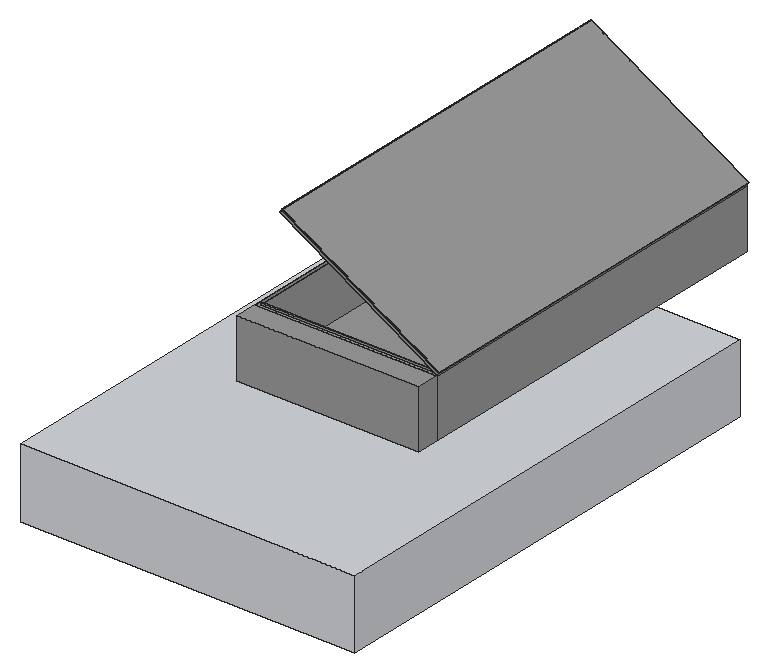
Revit family "Hager-Univers-IP55-D275-H1800-Cl.II-Steel_encl-CH-fr", category Equipement électrique, Revit 2020
Family settings
  Hôte = Face
  Configuration du panneau = Deux colonnes, circuits au sein
  Cote de connecteur circulaire = Utiliser le diamètre
  Type d'élément = Tableau de raccordement
  Couper avec des vides une fois chargée = Non
  Partagée = Non
  Point de calcul de pièce = Non
Parameters (values of type "installation au sol IP55 L800 H1800 P275  - FR13S1")
  Width Control [instance] = if([EF000008 - largeur] > Min Width, [EF000008 - largeur], Min Width)  # 800 mm
  Commentaires du type = [HG000003 - Gamme]  # "Univers"
  Thickness Door [instance] = if([EF009171 - épaisseur de matériau de la porte/du couvercle] > 3 mm, 3 mm, [EF009171 - épaisseur de matériau de la porte/du couvercle])  # 1.5 mm
  Seal Frame Offset [instance] = 17 mm  # constant formula
  Plinth Visibility [instance] = [HG000027 - Hauteur du socle] > 0 mm  # yes
  Model = ""
  Min Width [instance] = 100 mm  # constant formula
  Min Height [instance] = 100 mm  # constant formula
  Min Depth [instance] = (2 * [EF009170 - épaisseur de matériau du boîtier]) + 1 mm  # 4 mm
  Internal Frame Depth [instance] = (Door System Depth * 0.5)  # 9 mm
  Height Control [instance] = if([EF000040 - hauteur] > Min Height, [EF000040 - hauteur], Min Height)  # 1800 mm
  HG000027 - Hauteur du socle = 100 mm
  HG000026 - Installation au sol = yes
  HG000024 - Hauteur de la section basse = 800 mm
  HG000023 - Armoire double section = no
  HG000016 - Visibilité de la porte 3D [instance] = yes
  HG000015 - Visibilité de l'emprise de la porte [instance] = no
  HG000014 - Porte à droite [instance] = yes
  HG000013 - Porte à gauche [instance] = not([HG000014 - Porte à droite])  # no
  HG000012 - Angle de pivotement de la porte [instance] = 30.00°
  HG000010 - Portes asymétriques = no
  HG000009 - Porte à double battant = no
  HG000006 - Encastré = no
  HG000004 - Référence fabricant = "FR13S1"
  HG000003 - Gamme = "Univers"
  HG000002 - avec porte = yes
  Frame Offset Bottom [instance] = 10 mm  # constant formula
  Frame Offset [instance] = 15 mm  # constant formula
  EF015940 - couvercle avec décharge de pression = no
  EF011959 - degré de protection (NEMA) = ""
  EF009554 - nombre d'ouvertures pour plaques à bride = 6
  Fabricant = "Hager"  # constant formula
  EF009212 - finition du couvercle = "EV000116 - fermé"
  EF009171 - épaisseur de matériau de la porte/du couvercle = 1.5 mm
  EF009170 - épaisseur de matériau du boîtier = 1.5 mm
  EF008873 - courant nominal (In) = 800 A
  EF007800 - adapté à un parafoudre = no
  EF006306 - avec serrure = no
  EF006244 - couvercle/porte transparent(e) = no
  EF005474 - indice de protection (IP) = "EV006420 - IP55"
  EF004464 - type de porte = "EV002646 - unique"
  EF004427 - nombre de modules = 396
  EF004293 - indice de protection contre les chocs (IK) = "EV008784 - IK10"
  EF003532 - convient pour utilisation à l’extérieur = no
  EF002950 - largeur en nombre de modules = 24
  EF001613 - maintien de fonction = "EV000494 - sans"
  EF001596 - matériau du boîtier/corps = "EV000179 - acier"
  EF001131 - profondeur intérieure = 275 mm
  EF001088 - possibilité de montage en saillie = yes
  EF000437 - nombre d'entrées de conduit = 6
  EF000339 - type de capot = "EV004216 - porte"
  EF000266 - nombre de rangées = 11
  EF000218 - profondeur d'encastrement = 0 mm
  EF000118 - avec cadre/support de montage = no
  EF000116 - numéro RAL = "7035"
  EF000049 - profondeur = 275 mm
  EF000040 - hauteur = 1800 mm
  EF000008 - largeur = 800 mm
  EF000007 - couleur = "EV000270 - gris"
  EF000003 - mode de pose = "EV012274 - installation au sol"
  Door System Leaf Tolerance [instance] = 1.5 mm  # constant formula
  Door System Depth [instance] = 18 mm  # constant formula
  Door Height [instance] = Height Control - [HG000027 - Hauteur du socle]  # 1700 mm
  Depth Control [instance] = if([EF000049 - profondeur] > Min Depth, [EF000049 - profondeur], Min Depth)  # 275 mm
  Default Elevation = 0 mm
  Connector Offset [instance] = Height Control / 2  # 900 mm
  Bottom Top Plate Trim [instance] = 1.5 mm  # constant formula
  Plinth height Ctrl [instance] = if([HG000027 - Hauteur du socle] > 0 mm, [HG000027 - Hauteur du socle], 12 mm)  # 100 mm
Types (5, lengths in mm): name | Width Control | HG000010 - Portes asymétriques | HG000009 - Porte à double battant | HG000004 - Référence fabricant | EF009554 - nombre d'ouvertures pour plaques à bride | EF004464 - type de porte | EF004427 - nombre de modules | EF000437 - nombre d'entrées de conduit | EF000008 - largeur
  installation au sol IP55 L1050 H1800 P275  - FR14S1 | 1050 | yes | yes | "FR14S1" | 8 | "EV003602 - double" | 528 | 8 | 1050
  installation au sol IP55 L1300 H1800 P275  - FR15S1 | 1300 | yes | yes | "FR15S1" | 10 | "EV003602 - double" | 660 | 10 | 1300
  installation au sol IP55 L300 H1800 P275  - FR11S1 | 300 | no | no | "FR11S1" | 2 | "EV002646 - unique" | 132 | 2 | 300
  installation au sol IP55 L550 H1800 P275  - FR12S1 | 550 | no | no | "FR12S1" | 4 | "EV002646 - unique" | 264 | 4 | 550
  installation au sol IP55 L800 H1800 P275  - FR13S1 | 800 | no | no | "FR13S1" | 6 | "EV002646 - unique" | 396 | 6 | 800
Reference planes
  plane 1 "Center (Front/Back)": y = 0
  plane 2: z = 0
  plane 3 "Center (Left/Right)": x = 0
  plane 4: z = 275
  plane 5: y = 101.5
  plane 6: y = 950
  plane 7: y = 100
  plane 8: y = 1800
  plane 9: z = 0
  plane 10: x = -385
  plane 11: x = 385
  plane 12: x = 383.5
  plane 13: x = -383.5
  plane 14: y = 1798.5
  plane 15: x = -383
  plane 16: x = -400
  plane 17: x = 383
  plane 18: x = 400
  plane 19: x = 398.5
  plane 20: x = -398.5
  plane 21: y = 111.5
  plane 22: y = 1800
  plane 23: y = 1783.5
  plane 24: z = 257
  plane 25: z = 1.5
  plane 26: z = 255.5
  plane 27: z = 273.5
Forms (mm)
  Extrusion 1, solid
    sketch origin (0, 0, 0) x (1, 0, 0) y (0, 1, 0)
      loop
        line (-702.964, 1305) -> (-702.964, -811.445) -> (766.763, -811.445) -> (766.763, 1305) -> (-702.964, 1305)
    from 0 to -304.8
  Extrusion 2, solid, material "Hager_Steel_RAL7035_Light_Grey", visible <- "Plinth Visibility", detail levels medium+fine
    sketch origin (0, 0, 0) x (1, 0, 0) y (0, 1, 0)
      loop
        line (-400, 0) -> (400, 0) -> (400, 100) -> (-400, 100) -> (-400, 0)
    from 0 to 257
  Extrusion 3, solid, material "Hager_Steel_RAL7035_Light_Grey", detail levels medium+fine
    sketch origin (0, 0, 0) x (1, 0, 0) y (0, 1, 0)
      loop
        line (-400, 100) -> (400, 100) -> (400, 1800) -> (-400, 1800) -> (-400, 100)
    from 0 to 257
  Extrusion 4, void
    sketch origin (0, 0, 0) x (1, 0, 0) y (0, 1, 0)
      loop
        line (-398.5, 101.5) -> (398.5, 101.5) -> (398.5, 1798.5) -> (-398.5, 1798.5) -> (-398.5, 101.5)
    from 1.5 to 255.5
  Extrusion 5, void
    sketch origin (-381.607, -4572, 257) x (0, -1, 0) y (-1, 0, 0)
      loop
        line (-4683.5, 1.893) -> (-6355.5, 1.893) -> (-6355.5, -765.107) -> (-4683.5, -765.107) -> (-4683.5, 1.893)
    from 0 to 1.5 <- "EF009170 - épaisseur de matériau du boîtier"
  Extrusion 6, solid, material "Hager_Steel_RAL7035_Light_Grey", detail levels fine
    sketch origin (0, 0, 257) x (1, 0, 0) y (0, 1, 0)
      loop
        line (-383.5, 1783.5) -> (-383.5, 111.5) -> (383.5, 111.5) -> (383.5, 1783.5) -> (-383.5, 1783.5)
      loop
        line (-385, 110) -> (385, 110) -> (385, 1785) -> (-385, 1785) -> (-385, 110)
    from 0 to 9 <- "Internal Frame Depth"
  Extrusion 7, solid, material "Hager_Steel_RAL7035_Light_Grey", detail levels coarse
    sketch origin (0, 0, 0) x (1, 0, 0) y (0, 1, 0)
      loop
        line (-400, 0) -> (400, 0) -> (400, 1800) -> (-400, 1800) -> (-400, 0)
    from 0 to 275
  Sweep 8, void
    path in 3D
      loop
        line (-400, 100, 0) -> (400, 100, 0) -> (400, 100, 257) -> (-400, 100, 257) -> (-400, 100, 0)
    profile origin (-400, 100, 128.5) x (-1, 0, 0) y (0, -1, 0)
      loop
        line (0, 0) -> (0, 1.5) -> (-1.5, 1.5)
        arc (-1.5, 1.5) -> (-1.061, 0.439) -> (0, 0) r 1.5
Cuts and joins
  Extrusion 4, Extrusion 5 cuts Extrusion 3
  Sweep 8 cuts Extrusion 2
Lines and regions (mm)
  Masking region 1
    outline origin (0, 0, 0) x (1, 0, 0) y (0, 0, 1)
      loop
        line (-400, 275) -> (-400, 0) -> (400, 0) -> (400, 275) -> (-400, 275)
  Masking region 2, detail levels medium+fine
    outline origin (0, 140, 0) x (0, 1, 0) y (0, 0, 1)
      loop
        line (-40, 0) -> (1660, 0) -> (1660, 257) -> (-40, 257) -> (-40, 0)
  Masking region 3, not visible, detail levels medium+fine
    outline origin (0, 297.922, 0) x (0, 1, 0) y (0, 0, 1)
      loop
        line (663.578, 0) -> (703.578, 0) -> (703.578, 263.5)
        arc (703.578, 263.5) -> (700.649, 270.571) -> (693.578, 273.5) r 10
        line (693.578, 273.5) -> (663.578, 273.5) -> (663.578, 0)
  Masking region 4, detail levels coarse
    outline origin (0, 0, 180) x (0, 1, 0) y (0, 0, 1)
      loop
        line (0, -180) -> (1800, -180) -> (1800, 95) -> (0, 95) -> (0, -180)
  Masking region 5, visible <- "Plinth Visibility", detail levels medium+fine
    outline origin (0, 52.24, 12.345) x (0, 0, -1) y (0, 1, 0)
      loop
        line (10.845, 47.76) -> (-243.155, 47.76)
        arc (-243.155, 47.76) -> (-243.594, 46.699) -> (-244.655, 46.26) r 1.5
        line (-244.655, 46.26) -> (-244.655, -52.24) -> (12.345, -52.24) -> (12.345, 46.26)
        arc (12.345, 46.26) -> (11.285, 46.699) -> (10.845, 47.76) r 1.5
  Masking region 6, detail levels medium+fine
    outline origin (-381.607, -4572, 257) x (-1, 0, 0) y (0, -1, 0)
      loop
        line (18.393, -6372) -> (18.393, -4672) -> (-781.607, -4672) -> (-781.607, -6372) -> (18.393, -6372)
  Masking region 7, visible <- "Plinth Visibility", detail levels medium+fine
    outline origin (-381.607, -4727, 257) x (-1, 0, 0) y (0, -1, 0)
      loop
        arc (16.893, -4827) -> (17.332, -4825.939) -> (18.393, -4825.5) r 1.5
        line (18.393, -4825.5) -> (18.393, -4727) -> (-781.607, -4727) -> (-781.607, -4825.5)
        arc (-781.607, -4825.5) -> (-780.546, -4825.939) -> (-780.107, -4827) r 1.5
        line (-780.107, -4827) -> (16.893, -4827)
  Masking region 8, detail levels coarse
    outline origin (-442.548, -4669.526, 257) x (-1, 0, 0) y (0, -1, 0)
      loop
        line (-42.548, -6469.526) -> (-42.548, -4669.526) -> (-842.548, -4669.526) -> (-842.548, -6469.526) -> (-42.548, -6469.526)
  sketch lines
    curve 1: line (-400, 100, 257) -> (-400, 100, 0)
    curve 2: line (400, 100, 257) -> (-400, 100, 257)
    curve 3: line (400, 100, 257) -> (400, 100, 0)
    curve 4: line (-400, 100, 0) -> (400, 100, 0)
Dimensions and locks
  "Depth Control": plane 4 to Extrusion 1
  "HG000027 - Hauteur du socle": plane 1 "Center (Front/Back)" to plane 7
  "EF009170 - épaisseur de matériau du boîtier": plane 5 to plane 7
  locked: connector elem to plane 3 "Center (Left/Right)"
  equal spacing: plane 8, plane 6, plane 7
  locked: connector elem to plane 6
  "EF009170 - épaisseur de matériau du boîtier": plane 8 to plane 14
  "EF009170 - épaisseur de matériau du boîtier": plane 10 to plane 13
  "EF009170 - épaisseur de matériau du boîtier": plane 12 to plane 11
  "Frame Offset": plane 20 to plane 13
  "Frame Offset": plane 12 to plane 19
  "EF009170 - épaisseur de matériau du boîtier": plane 16 to plane 20
  "EF009170 - épaisseur de matériau du boîtier": plane 19 to plane 18
  "Seal Frame Offset": plane 16 to plane 15
  "Seal Frame Offset": plane 17 to plane 18
  "Frame Offset Bottom": plane 21 to plane 5
  "Frame Offset": plane 14 to plane 23
  equal spacing: plane 16, plane 3 "Center (Left/Right)", plane 18
  "Width Control": plane 16 to plane 18
  "EF009170 - épaisseur de matériau du boîtier": plane 4 to plane 27
  "EF009170 - épaisseur de matériau du boîtier": plane 24 to plane 26
  "EF009170 - épaisseur de matériau du boîtier": plane 25 to level
  "Door System Depth": plane 4 to plane 24
  "Height Control": plane 1 "Center (Front/Back)" to Extrusion 7 sketch curve
  "Height Control": Masking region 4 sketch curve to plane 1 "Center (Front/Back)"
  "Height Control": plane 1 "Center (Front/Back)" to plane 22
  "Bottom Top Plate Trim": profile plane to Sweep 8 sketch curve
  "Bottom Top Plate Trim": Sweep 8 sketch curve to profile plane
  "Plinth height Ctrl": plane 1 "Center (Front/Back)" to Extrusion 2 sketch curve
  "Plinth height Ctrl": Masking region 5 sketch curve to plane 1 "Center (Front/Back)"
  "Plinth height Ctrl": plane 1 "Center (Front/Back)" to Masking region 7 sketch curve
  "Thickness Door": Extrusion 6 sketch curve to Extrusion 6 sketch curve  (x3)
  "Thickness Door": cut or joined group of Extrusion 3, Extrusion 4, Extrusion 5 to Extrusion 6 sketch curve
  radius of Masking region 3 sketch curve = 10 mm
  "Bottom Top Plate Trim": radius of Masking region 5 sketch curve  (x2)
  "Bottom Top Plate Trim": radius of Sweep 8 sketch curve
  "Bottom Top Plate Trim": radius of Masking region 7 sketch curve  (x2)
  aligned and locked: plane 2 to Extrusion 1
  aligned and locked: level to Extrusion 1
  aligned and locked: level to Masking region 1 sketch curve
  aligned and locked: Masking region 1 sketch curve to plane 18
  aligned and locked: Masking region 1 sketch curve to plane 16
  aligned and locked: plane 7 to Masking region 2 sketch curve
  aligned and locked: level to Masking region 3 sketch curve
  aligned and locked: Masking region 3 sketch curve to plane 27
  aligned and locked: level to Masking region 2 sketch curve
  aligned and locked: plane 1 "Center (Front/Back)" to Extrusion 2 sketch curve
  aligned and locked: Extrusion 3 sketch curve to plane 7
  aligned and locked: plane 16 to Extrusion 3 sketch curve
  aligned and locked: plane 18 to Extrusion 3 sketch curve
  aligned and locked: plane 20 to Extrusion 4 sketch curve
  aligned and locked: plane 19 to Extrusion 4 sketch curve
  aligned and locked: Extrusion 4 sketch curve to plane 5
  aligned and locked: Extrusion 4 to plane 25
  aligned and locked: plane 26 to Extrusion 4
  aligned and locked: plane 24 to Extrusion 3
  aligned and locked: Extrusion 5 sketch curve to plane 21
  aligned and locked: Extrusion 5 sketch curve to plane 13
  aligned and locked: Extrusion 5 sketch curve to plane 12
  aligned and locked: plane 18 to Extrusion 7 sketch curve
  aligned and locked: plane 1 "Center (Front/Back)" to Extrusion 7 sketch curve
  aligned and locked: plane 16 to Extrusion 7 sketch curve
  aligned and locked: plane 4 to Extrusion 7
  aligned and locked: Extrusion 7 to level
  aligned and locked: level to Masking region 4 sketch curve
  aligned and locked: Masking region 4 sketch curve to plane 1 "Center (Front/Back)"
  aligned and locked: Masking region 4 sketch curve to plane 4
  aligned and locked: nested 1 to level
  aligned and locked: nested 1 to plane 16
  aligned and locked: plane 8 to Extrusion 3 sketch curve
  aligned and locked: plane 23 to Extrusion 5 sketch curve
  aligned and locked: plane 14 to Extrusion 4 sketch curve
  aligned and locked: Masking region 2 sketch curve to plane 8
  aligned and locked: level to Masking region 5 sketch curve
  aligned and locked: plane 16 to Extrusion 2 sketch curve
  aligned and locked: plane 18 to Extrusion 2 sketch curve
  aligned and locked: Masking region 5 sketch curve to plane 24
  aligned and locked: Masking region 2 sketch curve to plane 24
  aligned and locked: plane 24 to Extrusion 2
  aligned and locked: profile plane to Sweep 8 sketch curve  (x2)
  aligned and locked: Masking region 6 sketch curve to plane 18
  aligned and locked: Masking region 6 sketch curve to plane 22
  aligned and locked: Masking region 6 sketch curve to plane 16
  aligned and locked: plane 8 to plane 22
  aligned and locked: Masking region 6 sketch curve to plane 7
  aligned and locked: Masking region 7 sketch curve to plane 16
  aligned and locked: Masking region 7 sketch curve to plane 1 "Center (Front/Back)"
  aligned and locked: Masking region 7 sketch curve to plane 18
  aligned and locked: Masking region 8 sketch curve to plane 1 "Center (Front/Back)"
  aligned and locked: Masking region 8 sketch curve to plane 18
  aligned and locked: Masking region 8 sketch curve to plane 22
  aligned and locked: Masking region 8 sketch curve to plane 16
  aligned and locked: nested 2 to plane 7
  aligned and locked: plane 3 "Center (Left/Right)" to nested 2
  aligned and locked: nested 2 to plane 24
  aligned and locked: Extrusion 6 sketch curve to cut or joined group of Extrusion 3, Extrusion 4, Extrusion 5  (x4)
Automatic sketch dimensions
  Extrusion 1 sketch curve to Extrusion 1 sketch curve = 1469.727 mm
  Extrusion 1 sketch curve to Extrusion 1 sketch curve = 2116.445 mm
  Masking region 1 sketch curve to plane 4 = 0 mm
  plane 6 to Masking region 3 sketch curve = 11.5 mm
  Masking region 3 sketch curve to Masking region 3 sketch curve = 30 mm
  Masking region 5 sketch curve to plane 1 "Center (Front/Back)" = 0 mm
Nested families
  nested 1: "Hager_Enclosure_Symbol" at (-400, 0, 0) x (1, 0, 0) z (0, -1, 0), Height <- "Depth Control", Width <- "Width Control", type "Hager_Enclosure_Symbol"
    with Width_Ctrl 800 mm, Width 800 mm, Height_Ctrl 275 mm, Height 275 mm, A_Width_Int 18.047 mm, A_Width 216.562 mm, A_Height_Ctrl 240.625 mm, A_Height 240.625 mm
  nested 2: "EC000058_Univers_Door" at (0, 100, 257) x (1, 0, 0) z (0, 1, 0), Leaf_Tolerance <- "Door System Leaf Tolerance", Angle <- "HG000012 - Angle de pivotement de la porte", Door_Depth <- "Door System Depth", Door_Left <- "HG000013 - Porte à gauche", Transparent <- "EF006244 - couvercle/porte transparent(e)", Assymetrical <- "HG000010 - Portes asymétriques", Width <- "Width Control", Clearance <- "HG000015 - Visibilité de l'emprise de la porte", Double <- "HG000009 - Porte à double battant", 3d_Door <- "HG000016 - Visibilité de la porte 3D", Lock_Visibility <- "EF006306 - avec serrure", Width_Ctrl <- "Width Control", Door_Right <- "HG000014 - Porte à droite", Door <- "HG000002 - avec porte", Height <- "Door Height", Thickness <- "Thickness Door", type "EC000058_Univers_Door", detail levels medium+fine
    with min_wh 4 mm, Width_Ctrl 800 mm, Width 800 mm, Transparent no, Thickness 1.5 mm, Seal_Material Hager_Rubber, Lock_Visibility no, Lock_Material Hager_Plastic_RAL9005_Jet_Black, Leaf_Width 800 mm, Leaf_Tolerance_External_Sides 0 mm, Leaf_Tolerance 1.5 mm, Leaf_Offset 0 mm, Leaf_Height 1697 mm, Leaf_2_Width 800 mm, Leaf_2_Offset 400 mm, Leaf_1_Width 800 mm, Leaf_1_Offset 400 mm, Height_Ctrl 1700 mm, Height 1700 mm, Glass_Material Hager_Glass, Double_Clearance_Ctrl no, Double no, Door_Right_Ctrl yes, Door_Right yes, Door_Material Hager_Steel_RAL7035_Light_Grey, Door_Left_Ctrl no, Door_Left no, Door_Depth 18 mm, Door yes, Clearance_Material Hager_Clearance, Clearance_Depth 800 mm, Clearance_Ctrl no, Clearance no, Assymetrical no, Angle 30.00°, 3d_Door yes
Connectors
  electrical at (0, 950, 0)
    settings: on plane 9, index 1, voltage 0 V, apparent load 0 VA, apparent load phase1 0 VA, apparent load phase2 0 VA, apparent load phase3 0 VA, power factor 1, load classification "Other", number of poles 1, system type 30, power factor state 1, is connector primary yes, connector utility no, sub classification motor no, connector description ""
Definition of nested family "EC000058_Univers_Door"
  Parameters (values of type "EC000058_Univers_Door")
    min_wh [instance] = (2 * Thickness) + 1 mm  # 11 mm
    Width_Ctrl [instance] = 400 mm
    Width [instance] = 500 mm
    Transparent [instance] = yes
    Thickness [instance] = 5 mm
    Seal_Material [instance] = none
    Lock_Visibility [instance] = yes
    Lock_Material [instance] = none
    Leaf_Width [instance] = if((Width_Ctrl - 2 * Leaf_Tolerance_External_Sides) > 0 mm, (Width_Ctrl - 2 * Leaf_Tolerance_External_Sides), min_wh)  # 400 mm
    Leaf_Tolerance_External_Sides [instance] = 0 mm  # constant formula
    Leaf_Tolerance [instance] = 1.5 mm
    Leaf_Offset [instance] = 0 mm  # constant formula
    Leaf_Height [instance] = if((Height_Ctrl - 2 * Leaf_Tolerance) > 0 mm, (Height_Ctrl - 2 * Leaf_Tolerance), min_wh)  # 497 mm
    Leaf_2_Width [instance] = if(and(and(Double, Assymetrical), Door_Left), (Leaf_Width / 3) - (Leaf_Tolerance / 2), if(and(and(Double, Assymetrical), Door_Right), (Leaf_Width / 3) * 2 - (Leaf_Tolerance / 2), if(and(Double, not(Assymetrical)), (Leaf_Width / 2) - Leaf_Tolerance, Leaf_Width)))  # 400 mm
    Leaf_2_Offset [instance] = if(and(Double, Assymetrical), Leaf_2_Width / 2, if(and(Double, not(Assymetrical)), Leaf_Width / 4, Leaf_Width / 2))  # 200 mm
    Leaf_1_Width [instance] = if(and(and(Double, Assymetrical), Door_Right), (Leaf_Width / 3) - (Leaf_Tolerance / 2), if(and(and(Double, Assymetrical), Door_Left), (Width / 3) * 2 - (Leaf_Tolerance / 2), if(and(Double, not(Assymetrical)), (Leaf_Width / 2) - Leaf_Tolerance, Leaf_Width)))  # 400 mm
    Leaf_1_Offset [instance] = if(and(Double, Assymetrical), Leaf_1_Width / 2, if(and(Double, not(Assymetrical)), Leaf_Width / 4, Leaf_Width / 2))  # 200 mm
    Height_Ctrl [instance] = if(Height > min_wh, Height, min_wh)  # 500 mm
    Height [instance] = 500 mm
    Glass_Material [instance] = none
    Double_Clearance_Ctrl [instance] = and(Double, Clearance)  # no
    Double [instance] = no
    Door_Right_Ctrl [instance] = and(or(Door_Right, Double), Door)  # yes
    Door_Right [instance] = yes
    Door_Material [instance] = none
    Door_Left_Ctrl [instance] = and(or(Door_Left, Double), Door)  # no
    Door_Left [instance] = no
    Door_Depth [instance] = 30 mm
    Door [instance] = yes
    Default Elevation = 1219.2 mm
    Clearance_Material [instance] = none
    Clearance_Depth [instance] = if(Leaf_1_Width > Leaf_2_Width, Leaf_1_Width, Leaf_2_Width)  # 400 mm
    Clearance_Ctrl [instance] = and(not(Double), Clearance)  # yes
    Clearance [instance] = yes
    Assymetrical [instance] = yes
    Angle [instance] = 30.00°
    3d_Door [instance] = yes
  Reference planes
    plane 1 "Center (Front/Back)": y = 0
    plane 2 "Bottom": z = 0
    plane 3 "Center (Left/Right)": x = 0
    plane 4: z = 500
    plane 5: x = -200
    plane 6: x = 200
    plane 7: z = 500
    plane 8: x = -200
    plane 9: z = 0
    plane 10: x = 200
    plane 11: y = 0
    plane 12: z = 1.5
    plane 13: x = -600
    plane 14: y = -400
    plane 15: x = 600
    plane 16: x = 0
    plane 17: x = 0
    plane 18: x = -200
    plane 19: x = 200
    plane 20: z = 498.5
  Forms (mm)
    Extrusion 1, solid, material <- "Clearance_Material", visible <- "Double_Clearance_Ctrl"
      sketch origin (1200, 0, 0) x (1, 0, 0) y (0, 0, -1)
        loop
          line (-1800, -498.5) -> (-600, -498.5) -> (-600, 0) -> (-1800, 0) -> (-1800, -498.5)
      from 0 to -400
  Dimensions and locks
    equal spacing: plane 5, plane 3 "Center (Left/Right)", plane 6
    "Width_Ctrl": plane 5 to plane 6
    "Leaf_Offset": plane 5 to plane 8
    "Leaf_Offset": plane 6 to plane 10
    "Leaf_Offset": plane 9 to level
    "Leaf_Offset": plane 4 to plane 7
    "Height_Ctrl": plane 4 to level
    "Leaf_Tolerance": plane 12 to plane 9
    locked: plane 11 to plane 1 "Center (Front/Back)"
    "Leaf_1_Offset": plane 18 to plane 16
    "Leaf_2_Offset": plane 17 to plane 19
    "Leaf_1_Width": plane 13 to plane 8
    "Leaf_2_Width": plane 10 to plane 15
    "Clearance_Depth": plane 14 to plane 1 "Center (Front/Back)"
    "Leaf_Tolerance_External_Sides": plane 8 to plane 18
    "Leaf_Tolerance_External_Sides": plane 19 to plane 10
    "Leaf_Tolerance": plane 7 to plane 20
    aligned and locked: level to plane 2 "Bottom"
    aligned and locked: nested 1 to plane 16
    aligned and locked: nested 2 to plane 17
    aligned and locked: Extrusion 1 to plane 13
    aligned and locked: plane 15 to Extrusion 1
    aligned and locked: Extrusion 1 to plane 14
    aligned and locked: plane 12 to nested 1
    aligned and locked: nested 2 to plane 12
    aligned and locked: Extrusion 1 to plane 11
    aligned and locked: plane 20 to Extrusion 1
    aligned and locked: nested 2 to plane 11
    aligned and locked: nested 1 to plane 11
  Automatic sketch dimensions
    Extrusion 1 sketch curve to level = 0 mm
    plane 5 to Extrusion 1 sketch curve = 400 mm
    plane 6 to Extrusion 1 sketch curve = 400 mm
    Extrusion 1 sketch curve to plane 4 = 1.5 mm
  Nested families
    nested 1: "EC000058_Univers_Door_Leaf" at (0, 0, 1.5), Width <- "Leaf_1_Width", visible <- "Door_Left_Ctrl", Leaf_Height <- "Leaf_Height", Angle <- "Angle", 3d_Door <- "3d_Door", Transparent <- "Transparent", Clearance Material <- "Clearance_Material", Clearance <- "Clearance_Ctrl", Door_Material <- "Door_Material", Glass_Material <- "Glass_Material", Door_Depth <- "Door_Depth", Lock_Material <- "Lock_Material", Seal_Material <- "Seal_Material", Lock_Visibility <- "Lock_Visibility", Thickness <- "Thickness", type "EC000058_Univers_Door_Leaf"
      with Width 400 mm, Transparent_Glass_Offset 30 mm, Transparent_Ctrl yes, Transparent yes, Thickness 5 mm, Standard no, Seal_Material none, Seal_D2 8 mm, Seal_D1 1 mm, Offset_Internal_Frame 10 mm, Lock_Width 20 mm, Lock_Visibility_3d yes, Lock_Visibility yes, Lock_Thickness_3 3 mm, Lock_Thickness_2 1 mm, Lock_Thickness_1 3 mm, Lock_Radius_Offset_2 16 mm, Lock_Radius_Offset_1 15 mm, Lock_Radius_2 5 mm, Lock_Radius 6 mm, Lock_Offset 5 mm, Lock_Material none, Lock_Height 80 mm, Lock_Cover_Top_Offset_2d 17 mm, Lock_Cover_Height -65 mm, Leaf_Height 497 mm, Internal_Seal_Thickness 8 mm, Internal_Seal_Depth_2 4.5 mm, Internal_Frame_Depth 25 mm, Glass_Thickness -1 mm, Glass_Offset -2 mm, Glass_Material none, Door_Material none, Door_Depth 30 mm, Clearance Material none, Clearance yes, Angle_Ctrl 30.00°, Angle 30.00°, 3d_Door yes
    nested 2: "EC000058_Univers_Door_Leaf" at (0, 0, 1.5) x (-1, 0, 0) z (0, 0, 1), Width <- "Leaf_2_Width", visible <- "Door_Right_Ctrl", Leaf_Height <- "Leaf_Height", Angle <- "Angle", 3d_Door <- "3d_Door", Transparent <- "Transparent", Clearance Material <- "Clearance_Material", Clearance <- "Clearance_Ctrl", Door_Material <- "Door_Material", Glass_Material <- "Glass_Material", Door_Depth <- "Door_Depth", Lock_Material <- "Lock_Material", Seal_Material <- "Seal_Material", Lock_Visibility <- "Lock_Visibility", Thickness <- "Thickness", type "EC000058_Univers_Door_Leaf"
      with Width 400 mm, Transparent_Glass_Offset 30 mm, Transparent_Ctrl yes, Transparent yes, Thickness 5 mm, Standard no, Seal_Material none, Seal_D2 8 mm, Seal_D1 1 mm, Offset_Internal_Frame 10 mm, Lock_Width 20 mm, Lock_Visibility_3d yes, Lock_Visibility yes, Lock_Thickness_3 3 mm, Lock_Thickness_2 1 mm, Lock_Thickness_1 3 mm, Lock_Radius_Offset_2 16 mm, Lock_Radius_Offset_1 15 mm, Lock_Radius_2 5 mm, Lock_Radius 6 mm, Lock_Offset 5 mm, Lock_Material none, Lock_Height 80 mm, Lock_Cover_Top_Offset_2d 17 mm, Lock_Cover_Height -65 mm, Leaf_Height 497 mm, Internal_Seal_Thickness 8 mm, Internal_Seal_Depth_2 4.5 mm, Internal_Frame_Depth 25 mm, Glass_Thickness -1 mm, Glass_Offset -2 mm, Glass_Material none, Door_Material none, Door_Depth 30 mm, Clearance Material none, Clearance yes, Angle_Ctrl 30.00°, Angle 30.00°, 3d_Door yes
  Definition of nested family "EC000058_Univers_Door_Leaf"
    Parameters (values of type "EC000058_Univers_Door_Leaf")
      Width [instance] = 2000 mm
      Transparent_Glass_Offset [instance] = 30 mm
      Transparent_Ctrl [instance] = and(Transparent, [3d_Door])  # yes
      Transparent [instance] = yes
      Thickness [instance] = 5 mm
      Standard [instance] = and(not(Transparent), [3d_Door])  # no
      Seal_Material [instance] = none
      Seal_D2 [instance] = 8 mm  # constant formula
      Seal_D1 [instance] = 1 mm  # constant formula
      Offset_Internal_Frame [instance] = 10 mm  # constant formula
      Lock_Width [instance] = 20 mm  # constant formula
      Lock_Visibility_3d [instance] = and(Lock_Visibility, [3d_Door])  # yes
      Lock_Visibility [instance] = yes
      Lock_Thickness_3 [instance] = 3 mm  # constant formula
      Lock_Thickness_2 [instance] = 1 mm  # constant formula
      Lock_Thickness_1 [instance] = 3 mm  # constant formula
      Lock_Radius_Offset_2 [instance] = Lock_Radius_Offset_1 + 1 mm  # 16 mm
      Lock_Radius_Offset_1 [instance] = 15 mm  # constant formula
      Lock_Radius_2 [instance] = Lock_Radius - 1 mm  # 5 mm
      Lock_Radius [instance] = 6 mm  # constant formula
      Lock_Offset [instance] = 5 mm  # constant formula
      Lock_Material [instance] = none
      Lock_Height [instance] = 80 mm  # constant formula
      Lock_Cover_Top_Offset_2d [instance] = Lock_Radius_Offset_2 + 1 mm  # 17 mm
      Lock_Cover_Height [instance] = -(Lock_Height - Lock_Radius_Offset_1)  # -65 mm
      Leaf_Height [instance] = 2720.336 mm
      Internal_Seal_Thickness [instance] = 8 mm  # constant formula
      Internal_Seal_Depth_2 [instance] = 4.5 mm  # constant formula
      Internal_Frame_Depth [instance] = if(Door_Depth - Thickness > 5 mm, Door_Depth - Thickness, 5 mm)  # 25 mm
      Glass_Thickness [instance] = if(Thickness > 15 mm, Glass_Offset + 10 mm, -1 mm)  # -1 mm
      Glass_Offset [instance] = if(Thickness > 15 mm, -(Thickness + 10 mm) / 2, -2 mm)  # -2 mm
      Glass_Material [instance] = none
      Door_Material [instance] = none
      Door_Depth [instance] = 30 mm
      Default Elevation = 0 mm
      Clearance Material [instance] = none
      Clearance [instance] = yes
      Angle_Ctrl [instance] = if(Angle > 180.00°, 180.00°, Angle)  # 90.00°
      Angle [instance] = 90.00°
      3d_Door [instance] = yes
    Reference planes
      plane 1 "Center (Front/Back)": y = 0
      plane 2: z = 0
      plane 3 "Center (Left/Right)": x = 0
      plane 4: y = 2000
      plane 5: x = -1000
      plane 6: x = 1000
      plane 7: x = -3000
      plane 8: z = 2720.336
      plane 9: z = 30
      plane 10: z = 2690.336
      plane 11: x = 970
      plane 12: x = -970
      plane 13: y = -3
      plane 14: z = 107.833
      plane 15: y = -5
      plane 16: y = -223.314
      plane 17: x = -1000
      plane 18: z = 1360.168
      plane 19: y = 30
    Forms (mm)
      Extrusion 1, solid, material <- "Clearance Material", visible <- "Clearance"
        sketch origin (0, 0, 0) x (1, 0, 0) y (0, 0, 1)
          loop
            line (-3000, 2720.336) -> (-3000, 0) -> (1000, 0) -> (1000, 2720.336) -> (-3000, 2720.336)
        from 0 to -2000
      Extrusion 2, solid, material <- "Door_Material", visible <- "Standard", detail levels medium+fine
        sketch origin (-1000, 0, 0) x (0, 1, 0) y (-1, 0, 0)
          loop
            line (0, 30) -> (0, 25) -> (2000, 25) -> (2000, 30) -> (0, 30)
        from 0 to 2720.336 <- "Leaf_Height"
      Extrusion 3, solid, material <- "Door_Material", visible <- "Transparent_Ctrl", detail levels medium+fine
        sketch origin (-1000, 0, 0) x (0, 1, 0) y (-1, 0, 0)
          loop
            line (0, 25) -> (2000, 25) -> (2000, 30) -> (0, 30) -> (0, 25)
        from 0 to 2720.336 <- "Leaf_Height"
      Extrusion 4, void
        sketch origin (-1025, 2000, 0) x (0, 1, 0) y (0, 0, -1)
          loop
            line (-30, -2690.336) -> (-30, -30) -> (-1970, -30) -> (-1970, -2690.336) -> (-30, -2690.336)
        from 0 to 5 <- "Thickness"
      Sweep 5, solid, material <- "Seal_Material", visible <- "Transparent_Ctrl", detail levels fine
        path in 3D
          loop
            line (-1025, 30, 30) -> (-1025, 30, 2690.336) -> (-1025, 1970, 2690.336) -> (-1025, 1970, 30) -> (-1025, 30, 30)
        profile origin (-1025, 1000, 30) x (1, 0, 0) y (0, 0, 1)
          loop
            line (0, 0) -> (0, -8) -> (1, -8) -> (1, 0) -> (0, 0)
      Extrusion 6, solid, material <- "Glass_Material", visible <- "Transparent_Ctrl", detail levels medium+fine
        sketch origin (-1030, 0, 0) x (0, 1, 0) y (0, 0, -1)
          loop
            line (1970, -2690.336) -> (1970, -30) -> (30, -30) -> (30, -2690.336) -> (1970, -2690.336)
        from -2 <- "Glass_Offset" to -1 <- "Glass_Thickness"
      Extrusion 7, solid, material <- "Door_Material", visible <- "3d_Door", detail levels medium+fine
        sketch origin (-1025, 2000, 0) x (0, -1, 0) y (0, 0, -1)
          loop
            line (0, -2720.336) -> (2000, -2720.336) -> (2000, 0) -> (0, 0) -> (0, -2720.336)
          loop
            line (1995, -5) -> (5, -5) -> (5, -2715.336) -> (1995, -2715.336) -> (1995, -5)
        from 0 to 25 <- "Internal_Frame_Depth"
      Sweep 8, solid, material <- "Seal_Material", visible <- "Transparent_Ctrl", detail levels fine
        path in 3D
          loop
            line (-1025, 0, 0) -> (-1025, 2000, 0) -> (-1025, 2000, 2720.336) -> (-1025, 0, 2720.336) -> (-1025, 0, 0)
        profile origin (-1025, 0, 1360.168) x (1, 0, 0) y (0, 1, 0)
          loop
            line (0, 10) -> (2.975, 10)
            arc (2.975, 10) -> (4.053, 10.447) -> (4.5, 11.525) r 1.525
            line (4.5, 11.525) -> (4.5, 16.527)
            arc (4.5, 16.527) -> (4.069, 17.569) -> (3.027, 18) r 1.473
            line (3.027, 18) -> (0, 18) -> (0, 10)
      Extrusion 9, solid, material <- "Lock_Material", visible <- "Lock_Visibility_3d", detail levels fine
        sketch origin (-1030, 0, 0) x (0, 1, 0) y (0, 0, -1)
          loop
            arc (1993.5, -1400.168) -> (1994.561, -1399.729) -> (1995, -1398.668) r 1.5
            line (1995, -1398.668) -> (1995, -1320.168) -> (1975, -1320.168) -> (1975, -1398.668)
            arc (1975, -1398.668) -> (1975.439, -1399.729) -> (1976.5, -1400.168) r 1.5
            line (1976.5, -1400.168) -> (1993.5, -1400.168)
        from 3 <- "Lock_Thickness_1" to 0
      Blend 10, solid, material <- "Lock_Material", visible <- "Lock_Visibility_3d", detail levels fine
        base sketch origin (-1033, 0, 0) x (0, 1, 0) y (0, 0, -1)
          loop
            line (1975, -1320.168) -> (1975, -1398.668)
            arc (1975, -1398.668) -> (1975.439, -1399.729) -> (1976.5, -1400.168) r 1.5
            line (1976.5, -1400.168) -> (1993.5, -1400.168)
            arc (1993.5, -1400.168) -> (1994.561, -1399.729) -> (1995, -1398.668) r 1.5
            line (1995, -1398.668) -> (1995, -1320.168) -> (1975, -1320.168)
        top sketch origin (-1033, 0, 0) x (0, 1, 0) y (0, 0, -1)
          loop
            line (1976, -1320.168) -> (1976, -1398.668)
            arc (1976, -1398.668) -> (1976.146, -1399.022) -> (1976.5, -1399.168) r 0.5
            line (1976.5, -1399.168) -> (1993.5, -1399.168)
            arc (1993.5, -1399.168) -> (1993.854, -1399.022) -> (1994, -1398.668) r 0.5
            line (1994, -1398.668) -> (1994, -1320.168) -> (1976, -1320.168)
        from 0 to 1 <- "Lock_Thickness_2"
      Blend 11, solid, material <- "Lock_Material", visible <- "Lock_Visibility_3d", detail levels fine
        base sketch origin (-1034, 0, 0) x (0, 1, 0) y (0, 0, -1)
          loop
            line (1978, -1320.168) -> (1978, -1384.168)
            arc (1978, -1384.168) -> (1985, -1391.168) -> (1992, -1384.168) r 7
            line (1992, -1384.168) -> (1992, -1320.168) -> (1978, -1320.168)
        top sketch origin (-1034, 0, 0) x (0, 1, 0) y (0, 0, -1)
          loop
            line (1991, -1320.168) -> (1979, -1320.168) -> (1979, -1383.168)
            arc (1979, -1383.168) -> (1985, -1389.168) -> (1991, -1383.168) r 6
            line (1991, -1383.168) -> (1991, -1320.168)
        from 0 to 3 <- "Lock_Thickness_3"
      Extrusion 12, solid, material <- "Lock_Material", visible <- "Lock_Visibility_3d", detail levels fine
        sketch origin (-1030, 1975, 1320.168) x (1, 0, 0) y (0, -1, 0)
          loop
            line (-7, -19) -> (-7, -1) -> (0, -1) -> (0, 0) -> (-8, 0) -> (-8, -20) -> (0, -20) -> (0, -19) -> (-7, -19)
        from 0 to -65 <- "Lock_Cover_Height"
      Extrusion 13, void
        sketch origin (-1038, 1995, 1320.168) x (-1, 0, 0) y (0, 0, -1)
          loop
            line (-5, -65) -> (0, -65) -> (-5, -60) -> (-5, -65)
        from 0 to 20 <- "Lock_Width"
      Extrusion 14, void
        sketch origin (-1038, 1975, 1320.168) x (0, -1, 0) y (0, 0, -1)
          loop
            circle (-10, -15.995) r 6
          loop
            circle (-10, -15.995) r 5
        from 0 to 2
      Extrusion 15, solid, material <- "Lock_Material", visible <- "Lock_Visibility_3d", detail levels medium
        sketch origin (-1030, 0, 0) x (0, 1, 0) y (0, 0, -1)
          loop
            arc (1993.5, -1400.168) -> (1994.561, -1399.729) -> (1995, -1398.668) r 1.5
            line (1995, -1398.668) -> (1995, -1320.168) -> (1975, -1320.168) -> (1975, -1398.668)
            arc (1975, -1398.668) -> (1975.439, -1399.729) -> (1976.5, -1400.168) r 1.5
            line (1976.5, -1400.168) -> (1993.5, -1400.168)
        from 8 to 0
    Cuts and joins
      Extrusion 4 cuts Extrusion 3
      Extrusion 13, Extrusion 14 cuts Extrusion 9
      Extrusion 14 cuts Blend 11
      Extrusion 13, Extrusion 14 cuts Extrusion 12
      joined: Extrusion 9, Blend 10, Blend 11, Extrusion 12
      Extrusion 14 cuts Extrusion 15
    Lines and regions (mm)
      Masking region 1, visible <- "Lock_Visibility", detail levels fine
        outline origin (0, 0, 0) x (0, 1, 0) y (0, 0, 1)
          loop
            line (30, 1320.168) -> (33, 1320.168) -> (33, 1400.168) -> (30, 1400.168) -> (30, 1320.168)
      Masking region 2, visible <- "Lock_Visibility", detail levels fine
        outline origin (0, 3.143, 0) x (0, 1, 0) y (0, 0, 1)
          loop
            line (29.857, 1354.168) -> (30.857, 1354.168) -> (30.857, 1366.168) -> (29.857, 1366.168) -> (29.857, 1354.168)
      Masking region 3, detail levels medium+fine
        outline origin (0, 0, 0) x (0, 1, 0) y (0, 0, 1)
          loop
            line (0, 0) -> (30, 0) -> (30, 2720.336) -> (0, 2720.336) -> (0, 0)
      Masking region 4, detail levels medium+fine
        outline origin (0, 0, 0) x (1, 0, 0) y (0, 0, 1)
          loop
            line (-1000, 2720.336) -> (-1000, 0) -> (1000, 0) -> (1000, 2720.336) -> (-1000, 2720.336)
      Masking region 5, visible <- "Lock_Visibility", detail levels fine
        outline origin (-47.116, 0, 0) x (1, 0, 0) y (0, 0, 1)
          loop
            arc (1024.616, 1399.168) -> (1023.556, 1398.729) -> (1023.116, 1397.668) r 1.5
            line (1023.116, 1397.668) -> (1023.116, 1320.168) -> (1041.116, 1320.168) -> (1041.116, 1397.668)
            arc (1041.116, 1397.668) -> (1040.677, 1398.729) -> (1039.616, 1399.168) r 1.5
            line (1039.616, 1399.168) -> (1024.616, 1399.168)
      Masking region 6, visible <- "Lock_Visibility", detail levels medium+fine
        outline origin (-25, 0, 0) x (1, 0, 0) y (0, 0, 1)
          loop
            arc (1001.5, 1400.168) -> (1000.439, 1399.729) -> (1000, 1398.668) r 1.5
            line (1000, 1398.668) -> (1000, 1320.168) -> (1020, 1320.168) -> (1020, 1398.668)
            arc (1020, 1398.668) -> (1019.561, 1399.729) -> (1018.5, 1400.168) r 1.5
            line (1018.5, 1400.168) -> (1001.5, 1400.168)
      Masking region 7, visible <- "Lock_Visibility", detail levels fine
        outline origin (-73.735, 0, 0) x (1, 0, 0) y (0, 0, 1)
          loop
            line (1051.735, 1382.168) -> (1065.735, 1382.168) -> (1065.735, 1384.168)
            arc (1065.735, 1384.168) -> (1058.735, 1391.168) -> (1051.735, 1384.168) r 7
            line (1051.735, 1384.168) -> (1051.735, 1382.168)
      Masking region 8, visible <- "Lock_Visibility", detail levels fine
        outline origin (-73.735, 0, 0) x (1, 0, 0) y (0, 0, 1)
          loop
            line (1052.735, 1382.168) -> (1064.735, 1382.168) -> (1064.735, 1383.168)
            arc (1064.735, 1383.168) -> (1058.735, 1389.168) -> (1052.735, 1383.168) r 6
            line (1052.735, 1383.168) -> (1052.735, 1382.168)
      Masking region 9, visible <- "Lock_Visibility", detail levels fine
        outline origin (-25, 0, 0) x (1, 0, 0) y (0, 0, 1)
          loop
            line (1020, 1320.168) -> (1020, 1382.168) -> (1000, 1382.168) -> (1000, 1320.168) -> (1020, 1320.168)
      Masking region 10, detail levels medium+fine
        outline origin (0, 0, 0) x (1, 0, 0) y (0, 0, 1)
          loop
            circle (985, 1335.144) r 6
      Masking region 11, detail levels fine
        outline origin (0, 0, 0) x (1, 0, 0) y (0, 0, 1)
          loop
            circle (985, 1335.144) r 5
      Masking region 12, visible <- "Lock_Visibility", detail levels fine
        outline origin (0, 12.767, 0) x (0, 1, 0) y (0, 0, 1)
          loop
            line (20.233, 1320.168) -> (21.233, 1320.168) -> (21.233, 1399.168) -> (20.233, 1400.168) -> (20.233, 1320.168)
      Masking region 13, visible <- "Lock_Visibility", detail levels fine
        outline origin (0, 13.767, -10) x (0, 1, 0) y (0, 0, 1)
          loop
            line (20.233, 1330.168) -> (23.233, 1330.168) -> (23.233, 1399.168) -> (20.233, 1402.168) -> (20.233, 1330.168)
      Masking region 14, visible <- "Lock_Visibility", detail levels fine
        outline origin (0, 12.767, -10) x (0, 1, 0) y (0, 0, 1)
          loop
            line (20.233, 1330.168) -> (25.233, 1330.168) -> (25.233, 1399.305) -> (20.233, 1394.305) -> (20.233, 1330.168)
      Masking region 15, visible <- "Lock_Visibility", detail levels medium
        outline origin (0, 0, 0) x (0, 1, 0) y (0, 0, 1)
          loop
            line (30, 1320.168) -> (38, 1320.168) -> (38, 1400.168) -> (30, 1400.168) -> (30, 1320.168)
      Masking region 16, visible <- "Lock_Visibility", detail levels fine
        outline origin (-1000, 0, 0) x (0, 1, 0) y (-1, 0, 0)
          loop
            line (1975, 30) -> (1995, 30) -> (1995, 38) -> (1975, 38) -> (1975, 30)
          loop
            line (1979, 37) -> (1976, 37) -> (1976, 34) -> (1978, 34) -> (1979, 37)
          loop
            line (1994, 37) -> (1991, 37) -> (1992, 34) -> (1994, 34) -> (1994, 37)
      Masking region 17, visible <- "Lock_Visibility", detail levels medium
        outline origin (-1000, 0, 0) x (0, 1, 0) y (-1, 0, 0)
          loop
            line (1975, 30) -> (1995, 30) -> (1995, 38) -> (1975, 38) -> (1975, 30)
      symbolic lines
        curve 1: line (1000, 0, 0) -> (-3000, 0, 0)
        curve 2: arc (1000, 0, 0) -> (-1000, 2000, 0) -> (-3000, 0, 0) r 2000
        curve 4: line (-1030, 0, 0) -> (-1030, 2000, 0)
      reference lines
        curve 3: line (-1000, 0, 0) -> (-1000, 2000, 0)
      symbolic lines, detail levels medium+fine
        curve 5: line (-1030, 2000, 0) -> (-1025, 2000, 0)
        curve 7: line (-1025, 0, 0) -> (-1030, 0, 0)
        curve 8: line (-1025, 0, 0) -> (-1000, 0, 0)
        curve 9: line (-1000, 0, 0) -> (-1000, 2000, 0)
        curve 10: line (-1000, 2000, 0) -> (-1025, 2000, 0)
      symbolic lines, detail levels fine
        curve 6: line (-1025, 2000, 0) -> (-1025, 0, 0)
      sketch lines
        curve 11: line (-1025, 0, 2720.336) -> (-1025, 0, 0)
        curve 12: line (-1025, 2000, 0) -> (-1025, 0, 0)
        curve 13: line (-1025, 2000, 2720.336) -> (-1025, 2000, 0)
        curve 14: line (-1025, 0, 2720.336) -> (-1025, 2000, 2720.336)
        curve 15: line (-1025, 1970, 30) -> (-1025, 30, 30)
        curve 16: line (-1025, 30, 30) -> (-1025, 30, 2690.336)
        curve 17: line (-1025, 1970, 2690.336) -> (-1025, 1970, 30)
        curve 18: line (-1025, 30, 2690.336) -> (-1025, 1970, 2690.336)
      symbolic lines, visible <- "Transparent", detail levels medium+fine
        curve 19: line (-970, 0, 2690.336) -> (970, 0, 2690.336)
        curve 20: line (-970, 0, 30) -> (-970, 0, 2690.336)
        curve 21: line (970, 0, 30) -> (-970, 0, 30)
        curve 22: line (970, 0, 2690.336) -> (970, 0, 30)
    Dimensions and locks
      "Width": plane 1 "Center (Front/Back)" to plane 4
      equal spacing: plane 5, plane 3 "Center (Left/Right)", plane 6
      "Width": plane 5 to plane 6
      "Width": plane 7 to plane 5
      "Leaf_Height": plane 8 to level
      "Width": curve 5 to curve 3
      "Width": curve 3 to curve 3
      plane 8 to plane 10 = 30 mm
      plane 9 to level = 30 mm
      plane 12 to plane 5 = 30 mm
      plane 6 to plane 11 = 30 mm
      Extrusion 1 to Extrusion 4 sketch curve = 30 mm
      "Transparent_Glass_Offset": curve 3 to Extrusion 4 sketch curve
      "Transparent_Glass_Offset": Extrusion 4 sketch curve to cut or joined group of Extrusion 3, Extrusion 4  (x2)
      cut or joined group of Extrusion 3, Extrusion 4 to Extrusion 6 sketch curve = 30 mm
      "Transparent_Glass_Offset": cut or joined group of Extrusion 3, Extrusion 4 to Extrusion 4 sketch curve
      "Thickness": curve 6 to curve 4
      "Thickness": Extrusion 7 sketch curve to Extrusion 7 sketch curve  (x4)
      "Door_Depth": curve 4 to curve 3
      "Offset_Internal_Frame": profile plane to Sweep 8 sketch curve
      "Internal_Seal_Thickness": Sweep 8 sketch curve to Sweep 8 sketch curve
      "Internal_Seal_Depth_2": profile plane to Sweep 8 sketch curve
      "Seal_D1": profile plane to Sweep 5 sketch curve
      "Seal_D2": profile plane to Sweep 5 sketch curve
      "Thickness": Extrusion 2 sketch curve to Extrusion 2 sketch curve
      equal spacing: Extrusion 9 sketch curve, plane 18, Extrusion 9 sketch curve  (x2)
      equal spacing: Masking region 1 sketch curve, plane 18, Masking region 1 sketch curve
      "Lock_Height": Masking region 1 sketch curve to Masking region 1 sketch curve
      "Lock_Radius": Masking region 2 sketch curve to plane 18 to Masking region 2 sketch curve
      Masking region 2 sketch curve to Masking region 1 = 1 mm
      "Door_Depth": plane 19 to plane 1 "Center (Front/Back)"
      "Lock_Thickness_1": Masking region 1 sketch curve to plane 19
      "Lock_Width": Extrusion 9 sketch curve to Extrusion 9 sketch curve
      "Lock_Height": Extrusion 9 sketch curve to Extrusion 9 sketch curve
      "Lock_Offset": cut or joined group of Extrusion 3, Extrusion 4 to Extrusion 9 sketch curve
      equal spacing: plane 8, plane 18, level
      "Lock_Radius_Offset_1": Blend 11 sketch curve to Blend 10
      locked: Blend 10 to Blend 11 sketch curve at 2  (x2)
      locked: var sketch to Blend 11 sketch curve at 1  (x2)
      "Lock_Radius_Offset_2": Blend 11 sketch curve to Blend 10
      locked: Extrusion 12 sketch curve to Extrusion 12 sketch curve at 1  (x3)
      Masking region 6 sketch curve to Masking region 6 sketch curve = 80 mm
      "Lock_Height": Masking region 6 sketch curve to Masking region 6 sketch curve
      "Lock_Width": Masking region 6 sketch curve to Masking region 6 sketch curve
      locked: Masking region 6 to Masking region 5 sketch curve at 1  (x3)
      locked: Masking region 5 to Masking region 7 sketch curve at 2  (x2)
      "Lock_Radius_Offset_1": Masking region 5 to Masking region 7 sketch curve
      "Lock_Radius_Offset_2": Masking region 5 to Masking region 8 sketch curve
      locked: Masking region 7 to Masking region 8 sketch curve at 1  (x2)
      "Lock_Cover_Top_Offset_2d": Masking region 5 to Masking region 9 sketch curve
      equal spacing: Masking region 9, Masking region 10 sketch curve, Masking region 9
      equal spacing: Masking region 9, Masking region 11 sketch curve, Masking region 9
      Extrusion 15 sketch curve to Extrusion 15 sketch curve = 80 mm
      "Lock_Width": Extrusion 15 sketch curve to Extrusion 15 sketch curve
      "Lock_Height": Extrusion 15 sketch curve to Extrusion 15 sketch curve
      equal spacing: Extrusion 15 sketch curve, plane 18, Extrusion 15 sketch curve
      "Lock_Thickness_3": Masking region 13 sketch curve to Masking region 13 sketch curve
      "Lock_Height": Masking region 12 sketch curve to Masking region 12 sketch curve
      locked: Masking region 13 sketch curve to Masking region 1 at 8
      locked: Masking region 14 sketch curve to Masking region 13 at 1
      locked: Masking region 14 sketch curve to Masking region 1 at 10.863
      "Lock_Height": Masking region 15 sketch curve to Masking region 15 sketch curve
      "Lock_Offset": Extrusion 15 sketch curve to cut or joined group of Extrusion 3, Extrusion 4
      "Lock_Offset": plane 6 to Masking region 6 sketch curve
      radius of Sweep 8 sketch curve = 1.525 mm
      radius of Sweep 8 sketch curve = 1.473 mm
      radius of Extrusion 9 sketch curve = 1.5 mm  (x2)
      "Lock_Radius": radius of Extrusion 14 sketch curve
      "Lock_Radius_2": radius of Extrusion 14 sketch curve
      "Lock_Radius": radius of Masking region 10 sketch curve
      "Lock_Radius_2": radius of Masking region 11 sketch curve
      radius of Extrusion 15 sketch curve = 1.5 mm  (x2)
      "Angle_Ctrl": angle plane 1 "Center (Front/Back)" to curve 3
      locked: Masking region 12 sketch curve to Masking region 12 sketch curve (angle 45.00°)
      locked: Masking region 13 sketch curve to Masking region 13 sketch curve (angle 45.00°)
      locked: Masking region 14 sketch curve to Masking region 14 sketch curve (angle 45.00°)
      aligned and locked: level to plane 2
      aligned and locked: Extrusion 1 to curve 1
      aligned and locked: plane 6 to Extrusion 1
      aligned and locked: Extrusion 1 to plane 1 "Center (Front/Back)"
      aligned and locked: plane 4 to Extrusion 1
      aligned and locked: plane 8 to Extrusion 1
      aligned and locked: curve 7 to Extrusion 2 sketch curve
      aligned and locked: curve 5 to Extrusion 2 sketch curve
      aligned and locked: curve 7 to Extrusion 3 sketch curve
      aligned and locked: Extrusion 3 sketch curve to curve 4
      aligned and locked: Extrusion 3 sketch curve to curve 6
      aligned and locked: Extrusion 3 sketch curve to curve 5
      aligned and locked: curve 9 to curve 3
      aligned and locked: Extrusion 7 sketch curve to cut or joined group of Extrusion 3, Extrusion 4  (x4)
      aligned and locked: plane 17 to curve 3
      aligned and locked: plane 1 "Center (Front/Back)" to curve 3
      aligned and locked: plane 17 to plane 5
      aligned and locked: Sweep 8 sketch curve to profile plane
      aligned and locked: Sweep 5 sketch curve to profile plane  (x2)
      aligned and locked: Masking region 1 to Masking region 2 sketch curve
      aligned and locked: plane 19 to Masking region 1 sketch curve
      aligned and locked: plane 1 "Center (Front/Back)" to Masking region 3 sketch curve
      aligned and locked: plane 19 to Masking region 3 sketch curve
      aligned and locked: level to Masking region 3 sketch curve
      aligned and locked: Masking region 3 sketch curve to plane 8
      aligned and locked: plane 17 to Masking region 4 sketch curve
      aligned and locked: level to Masking region 4 sketch curve
      aligned and locked: Masking region 4 sketch curve to plane 8
      aligned and locked: plane 12 to curve 20
      aligned and locked: plane 10 to curve 19
      aligned and locked: plane 11 to curve 22
      aligned and locked: curve 21 to plane 9
      aligned and locked: Extrusion 2 sketch curve to cut or joined group of Extrusion 3, Extrusion 4
      aligned and locked: Blend 10 sketch curve to Extrusion 9  (x4)
      aligned and locked: Extrusion 9 to Blend 10 sketch curve
      aligned and locked: Blend 10 to Blend 11 sketch curve
      aligned and locked: Extrusion 12 sketch curve to Blend 11
      aligned and locked: Extrusion 12 sketch curve to Extrusion 9  (x4)
      aligned and locked: Masking region 5 sketch curve to Masking region 6
      aligned and locked: Masking region 9 sketch curve to Masking region 6  (x3)
      aligned and locked: Masking region 12 sketch curve to Masking region 1
      aligned and locked: Masking region 13 sketch curve to Masking region 1
      aligned and locked: Masking region 12 to Masking region 14
      aligned and locked: Masking region 14 sketch curve to Masking region 1
      aligned and locked: Masking region 15 sketch curve to Masking region 14
      aligned and locked: Masking region 13 sketch curve to Masking region 12
      aligned and locked: Masking region 16 sketch curve to cut or joined group of Extrusion 14, Extrusion 15  (x4)
      aligned and locked: Masking region 16 sketch curve to cut or joined group of Extrusion 9, Blend 10, Blend 11, Extrusion 12, Extrusion 13, Extrusion 14  (x6)
      aligned and locked: cut or joined group of Extrusion 9, Blend 10, Blend 11, Extrusion 12, Extrusion 13, Extrusion 14 to Masking region 16 sketch curve
      aligned and locked: Masking region 17 sketch curve to cut or joined group of Extrusion 14, Extrusion 15  (x3)
      aligned and locked: Masking region 17 sketch curve to cut or joined group of Extrusion 9, Blend 10, Blend 11, Extrusion 12, Extrusion 13, Extrusion 14
      aligned and locked: Masking region 9 to Masking region 8 sketch curve
      aligned and locked: Masking region 9 to Masking region 7 sketch curve
    Automatic sketch dimensions
      plane 1 "Center (Front/Back)" to curve 2 = 0 mm
      curve 2 to plane 5 = 0 mm
      Extrusion 1 sketch curve to level = 0 mm
      Extrusion 1 sketch curve to plane 7 = 0 mm
      Extrusion 1 sketch curve to plane 6 = 0 mm
      Extrusion 1 sketch curve to plane 8 = 0 mm
      Extrusion 3 to Extrusion 6 sketch curve = 30 mm  (x4)
      Masking region 4 sketch curve to plane 6 = 0 mm
      Blend 10 sketch curve to Extrusion 9 = 1.5 mm
      Blend 10 sketch curve to Extrusion 9 = 1 mm
      Extrusion 13 sketch curve to Extrusion 12 = 0 mm  (x2)
      Extrusion 12 to Extrusion 13 sketch curve = 3 mm
      Extrusion 13 sketch curve to Extrusion 12 = 5 mm
      Extrusion 14 sketch curve to Extrusion 14 sketch curve = 0 mm  (x2)
      Extrusion 14 sketch curve to Extrusion 12 = 10 mm
      Extrusion 14 sketch curve to Extrusion 12 = 15.995 mm
      Masking region 5 sketch curve to Masking region 5 sketch curve = 1.5 mm  (x2)
      Masking region 10 sketch curve to plane 18 = 25.024 mm
      Masking region 11 sketch curve to plane 18 = 25.024 mm
      plane 19 to Masking region 14 sketch curve = 3 mm
      Masking region 16 sketch curve to Masking region 16 sketch curve = 3 mm
      curve 4 to curve 3 = 0 mm
      Blend 10 to Blend 11 sketch curve = 0 mm
      Masking region 6 sketch curve to Masking region 6 sketch curve = 1.5 mm  (x2)
      Masking region 6 sketch curve to plane 18 = 40 mm
      plane 19 to Masking region 12 sketch curve = 3 mm
      Masking region 12 sketch curve to Masking region 12 sketch curve = 1 mm
      Masking region 15 sketch curve to plane 19 = 0 mm
      Masking region 15 sketch curve to plane 18 = 40 mm
      radius of Blend 10 sketch curve to Extrusion 9 = 1 mm
Definition of nested family "Hager_Enclosure_Symbol"
  Parameters (values of type "Hager_Enclosure_Symbol")
    Width_Ctrl [instance] = if(Width > 1 mm, Width, 1 mm)  # 102.27 mm
    Width [instance] = 102.27 mm
    Height_Ctrl [instance] = if(Height > 1 mm, Height, 1 mm)  # 66.5 mm
    A_Width_Int [instance] = if(A_Width / 12 > 2 mm, A_Width / 12, 2 mm)  # 4.364 mm
    A_Width [instance] = if(A_Height_Ctrl * 0.9 > 2 mm, A_Height_Ctrl * 0.9, 2 mm)  # 52.369 mm
    A_Height_Ctrl [instance] = if(A_Height > 2 mm, A_Height, 2 mm)  # 58.188 mm
    Height [instance] = 66.5 mm
    A_Height [instance] = Height - (Height / 8)  # 58.188 mm
  Reference planes
    plane 1 "Centre (avant/arrière)": y = 0
    plane 2: z = 0
    plane 3 "Centre (gauche/droite)": x = 0
    plane 4: x = 52.369
    plane 5: y = 33.042
    plane 6: y = 41.77
    plane 7: y = 66.5
    plane 8: x = 26.184
    plane 9: y = 37.406
    plane 10: x = 102.27
    plane 11: y = 66.5
    plane 12: y = 8.313
  Lines and regions (mm)
    Filled region 1, type "Solid_Black", in view "Niveau de réf."
      outline origin (0, 0, 0) x (1, 0, 0) y (0, 1, 0)
        loop
          line (52.369, 66.5) -> (33.188, 54.536) -> (45.365, 45.006) -> (52.369, 66.5)
    Filled region 2, type "Solid_Black", in view "Niveau de réf."
      outline origin (0, 0, 0) x (1, 0, 0) y (0, 1, 0)
        loop
          line (0, 0) -> (102.27, 0) -> (102.27, 66.5) -> (0, 0)
    detail lines, in view "Niveau de réf."
      curve 1: line (0, 8.313, 0) -> (26.184, 41.77, 0)
      curve 2: line (26.184, 41.77, 0) -> (26.184, 33.042, 0)
      curve 3: line (26.184, 33.042, 0) -> (52.369, 66.5, 0)
  Dimensions and locks
    "A_Width": plane 3 "Centre (gauche/droite)" to plane 4
    equal spacing: plane 3 "Centre (gauche/droite)", plane 8, plane 4
    equal spacing: plane 6, plane 9, plane 5
    equal spacing: curve 3, Filled region 1 sketch curve, Filled region 1 sketch curve
    "Height_Ctrl": plane 1 "Centre (avant/arrière)" to plane 11
    "A_Height_Ctrl": plane 11 to plane 12
    equal spacing: plane 11, plane 9, plane 12
    "A_Width_Int": plane 6 to plane 9
    "Width_Ctrl": plane 3 "Centre (gauche/droite)" to plane 10
    angle Filled region 1 sketch curve to curve 3 = 20.00°
    angle curve 3 to Filled region 1 sketch curve = 20.00°
    locked: curve 3 to Filled region 1 sketch curve (angle 90.00°)
    aligned and locked: plane 10 to Filled region 2
    aligned and locked: plane 11 to Filled region 2 sketch curve
    aligned and locked: plane 10 to Filled region 2 sketch curve
    aligned and locked: plane 3 "Centre (gauche/droite)" to curve 1
    aligned and locked: plane 12 to curve 1
    aligned and locked: plane 7 to plane 11
  Automatic sketch dimensions
    Filled region 1 sketch curve to plane 4 = 0 mm
    Filled region 1 sketch curve to plane 7 = 0 mm
    plane 1 "Centre (avant/arrière)" to Filled region 2 sketch curve = 0 mm
    Filled region 2 sketch curve to plane 3 "Centre (gauche/droite)" = 0 mm
    curve 2 to plane 6 = 0 mm
    curve 2 to plane 8 = 0 mm
    curve 3 to plane 4 = 0 mm
    curve 2 to plane 5 = 0 mm
    curve 3 to plane 7 = 0 mm
